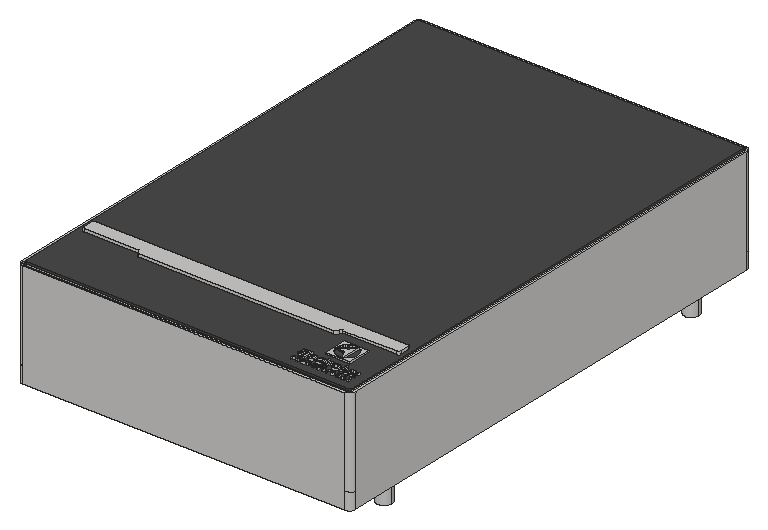
Revit family "QF_ELECTROLUXPROFESSIONAL_600879_E1HAEEOMCS", category Specialty Equipment, Revit 2018 (continued)
Definition of nested family "ELX_Logo_Professional"
  Forms (mm)
    Extrusion 2, solid
      sketch origin (-144.622, -1081.55, 0) x (-1, 0, 0) y (0, -1, 0)
        loop
          line (-148.67, -1086.844) -> (-150.173, -1087.464) -> (-151.57, -1088.253) -> (-152.847, -1089.196) -> (-153.992, -1090.281) -> (-154.994, -1091.494) -> (-155.841, -1092.821) -> (-156.519, -1094.25) -> (-157.018, -1095.766) -> (-157.324, -1097.357) -> (-157.427, -1099.009) -> (-157.315, -1100.685) -> (-156.998, -1102.296) -> (-156.488, -1103.827) -> (-155.799, -1105.265) -> (-154.946, -1106.596) -> (-153.94, -1107.806) -> (-152.796, -1108.882) -> (-151.528, -1109.81) -> (-150.148, -1110.576) -> (-148.67, -1111.167) -> (-148.67, -1086.844)
        loop
          arc (-147.323, -1086.473) -> (-147.041, -1088.83) -> (-146.239, -1091.065) r 10.532
          line (-146.239, -1091.065) -> (-145.452, -1092.432) -> (-144.488, -1093.693) -> (-143.367, -1094.833) -> (-142.111, -1095.838) -> (-140.741, -1096.693) -> (-139.278, -1097.383) -> (-137.743, -1097.894) -> (-136.157, -1098.211) -> (-134.541, -1098.32) -> (-131.822, -1098.32) -> (-131.976, -1096.81) -> (-132.312, -1095.353) -> (-132.818, -1093.961) -> (-133.481, -1092.644) -> (-134.291, -1091.416) -> (-135.235, -1090.288) -> (-136.302, -1089.272) -> (-137.48, -1088.379) -> (-138.757, -1087.622) -> (-140.121, -1087.012) -> (-141.56, -1086.561) -> (-143.063, -1086.281) -> (-144.633, -1086.183)
          arc (-144.633, -1086.183) -> (-145.985, -1086.264) -> (-147.323, -1086.473) r 14.39
        loop
          line (-111.329, -1069.559) -> (-111.329, -1071.073) -> (-116.048, -1071.073) -> (-116.048, -1072.896) -> (-111.328, -1072.896) -> (-111.328, -1075.549) -> (-116.349, -1075.549) -> (-116.349, -1077.368) -> (-109.396, -1077.368) -> (-109.396, -1073.46) -> (-109.396, -1069.659)
          arc (-109.396, -1069.659) -> (-110.425, -1067.175) -> (-112.909, -1066.146) r 3.513
          line (-112.909, -1066.146) -> (-116.483, -1066.146) -> (-116.483, -1067.963) -> (-112.925, -1067.963)
          arc (-112.925, -1067.963) -> (-111.797, -1068.431) -> (-111.329, -1069.559) r 1.596
        loop
          line (-119.79, -1077.358) -> (-117.856, -1077.358) -> (-117.856, -1072.053) -> (-117.856, -1066.132) -> (-119.79, -1066.132) -> (-119.79, -1072.092) -> (-119.79, -1077.358)
        loop
          line (-122.986, -1069.718) -> (-129.327, -1069.718)
          arc (-129.327, -1069.718) -> (-129.219, -1071.449) -> (-128.497, -1073.026) r 4.757
          arc (-128.497, -1073.026) -> (-125.237, -1074.5) -> (-121.978, -1073.026) r 4.34
          arc (-121.978, -1073.026) -> (-121.072, -1070.207) -> (-121.978, -1067.388) r 4.838
          arc (-121.978, -1067.388) -> (-125.393, -1065.933) -> (-128.809, -1067.388) r 4.737
          line (-128.809, -1067.388) -> (-127.645, -1068.52)
          arc (-127.645, -1068.52) -> (-125.509, -1067.576) -> (-123.374, -1068.52) r 2.888
          arc (-123.374, -1068.52) -> (-123.05, -1069.077) -> (-122.986, -1069.718) r 1.527
        loop
          arc (-127.386, -1071.076) -> (-126.67, -1072.331) -> (-125.331, -1072.872) r 2.201
          arc (-125.331, -1072.872) -> (-123.848, -1072.402) -> (-123.033, -1071.076) r 2.23
          line (-123.033, -1071.076) -> (-127.386, -1071.076)
        loop
          line (-136.862, -1071.886) -> (-138.059, -1073.132)
          arc (-138.059, -1073.132) -> (-130.327, -1070.219) -> (-138.059, -1067.306) r 4.415
          line (-138.059, -1067.306) -> (-136.862, -1068.553)
          arc (-136.862, -1068.553) -> (-132.252, -1070.22) -> (-136.862, -1071.886) r 2.606
        loop
          line (-141.192, -1069.673) -> (-141.192, -1072.494) -> (-142.951, -1072.494) -> (-142.951, -1074.25) -> (-141.195, -1074.25) -> (-141.195, -1077.358) -> (-139.262, -1077.358) -> (-139.262, -1073.332) -> (-139.262, -1069.514)
          arc (-139.262, -1069.514) -> (-140.299, -1066.92) -> (-142.98, -1066.132) r 3.196
          line (-142.98, -1066.132) -> (-142.987, -1067.949)
          arc (-142.987, -1067.949) -> (-141.652, -1068.356) -> (-141.192, -1069.673) r 1.542
        loop
          line (-146.494, -1073.042) -> (-146.494, -1074.25) -> (-144.576, -1074.25) -> (-144.576, -1070.271) -> (-144.576, -1066.132) -> (-146.494, -1066.132) -> (-146.494, -1070.401)
          arc (-146.494, -1070.401) -> (-147.446, -1072.228) -> (-149.489, -1072.494) r 2.229
          line (-149.489, -1072.494) -> (-149.489, -1074.362)
          arc (-149.489, -1074.362) -> (-147.761, -1074.226) -> (-146.494, -1073.042) r 2.627
        loop
          line (-159.833, -1072.246) -> (-159.833, -1066.131) -> (-161.767, -1066.131) -> (-161.767, -1072.17) -> (-161.767, -1077.359) -> (-159.833, -1077.359) -> (-159.833, -1072.246)
        loop
          line (-165.194, -1069.514) -> (-165.194, -1074.25) -> (-163.245, -1074.25) -> (-163.245, -1071.898) -> (-163.245, -1069.098)
          arc (-163.245, -1069.098) -> (-166.96, -1065.769) -> (-170.687, -1069.085) r 3.745
          line (-170.687, -1069.085) -> (-170.687, -1071.898) -> (-170.687, -1074.25) -> (-168.739, -1074.25) -> (-168.739, -1069.514)
          arc (-168.739, -1069.514) -> (-166.967, -1067.742) -> (-165.194, -1069.514) r 1.772
        loop
          line (-174.654, -1070.416) -> (-172.975, -1068.078) -> (-171.578, -1066.131) -> (-173.656, -1066.131) -> (-175.717, -1068.999) -> (-177.779, -1066.131) -> (-179.857, -1066.131) -> (-178, -1068.728) -> (-176.781, -1070.433) -> (-178.29, -1072.488) -> (-179.583, -1074.25) -> (-177.473, -1074.25) -> (-175.717, -1071.818) -> (-173.945, -1074.25) -> (-171.852, -1074.25) -> (-173.052, -1072.608) -> (-174.654, -1070.416)
        loop
          circle (-154.223, -1070.188) r 2.508
        loop
          circle (-154.223, -1070.188) r 4.42
        loop
          line (-110.224, -1058.542) -> (-111.194, -1058.542)
          arc (-111.194, -1058.542) -> (-112.217, -1059.95) -> (-110.924, -1061.114) r 1.3
          line (-110.924, -1061.114) -> (-109.424, -1061.114) -> (-109.424, -1057.223) -> (-110.224, -1057.223) -> (-110.224, -1058.542)
        loop
          line (-110.224, -1060.379) -> (-110.224, -1059.293) -> (-111.03, -1059.293)
          arc (-111.03, -1059.293) -> (-111.43, -1059.836) -> (-111.03, -1060.379) r 0.569
          line (-111.03, -1060.379) -> (-110.224, -1060.379)
        loop
          line (-116.302, -1058.564) -> (-117.128, -1058.564) -> (-117.934, -1057.223) -> (-118.841, -1057.223) -> (-117.833, -1058.884)
          arc (-117.833, -1058.884) -> (-118.214, -1060.282) -> (-117.028, -1061.114) r 1.26
          line (-117.028, -1061.114) -> (-115.503, -1061.114) -> (-115.503, -1057.223) -> (-116.302, -1057.223) -> (-116.302, -1058.564)
        loop
          line (-116.302, -1060.379) -> (-116.302, -1059.293) -> (-117.109, -1059.293)
          arc (-117.109, -1059.293) -> (-117.508, -1059.836) -> (-117.109, -1060.379) r 0.569
          line (-117.109, -1060.379) -> (-116.302, -1060.379)
        loop
          line (-128.923, -1057.223) -> (-129.723, -1057.223) -> (-129.723, -1058.714) -> (-131.187, -1058.714) -> (-131.187, -1059.514) -> (-129.723, -1059.514) -> (-129.723, -1060.314) -> (-131.327, -1060.314) -> (-131.327, -1061.114) -> (-128.923, -1061.114) -> (-128.923, -1057.223)
        loop
          arc (-134.628, -1058.469) -> (-134.992, -1057.588) -> (-135.874, -1057.223) r 1.246
          line (-135.874, -1057.223) -> (-137.13, -1057.223) -> (-137.13, -1058.023) -> (-135.969, -1058.023)
          arc (-135.969, -1058.023) -> (-135.53, -1058.237) -> (-135.427, -1058.714) r 0.558
          line (-135.427, -1058.714) -> (-136.984, -1058.714) -> (-136.984, -1059.514) -> (-135.427, -1059.514) -> (-135.427, -1060.314) -> (-137.092, -1060.314) -> (-137.092, -1061.114) -> (-134.628, -1061.114) -> (-134.628, -1058.469)
        loop
          line (-152.3, -1057.223) -> (-153.1, -1057.223) -> (-153.1, -1061.114) -> (-152.3, -1061.114) -> (-152.3, -1057.223)
        loop
          line (-164.67, -1057.223) -> (-164.67, -1059.67) -> (-166.45, -1057.223) -> (-167.25, -1057.223) -> (-167.25, -1061.114) -> (-166.42, -1061.114) -> (-166.42, -1058.594) -> (-164.64, -1061.114) -> (-163.84, -1061.114) -> (-163.84, -1057.223) -> (-164.67, -1057.223)
        loop
          line (-170.403, -1057.223) -> (-171.262, -1057.223) -> (-171.641, -1058.063) -> (-173.08, -1058.063) -> (-173.459, -1057.223) -> (-174.317, -1057.223) -> (-172.796, -1061.113) -> (-171.996, -1061.113) -> (-170.403, -1057.223)
        loop
          line (-177.493, -1057.223) -> (-179.789, -1057.223) -> (-179.789, -1058.023) -> (-178.293, -1058.023) -> (-178.293, -1061.114) -> (-177.493, -1061.114) -> (-177.493, -1057.223)
        loop
          line (-172.362, -1059.848) -> (-171.945, -1058.83) -> (-172.76, -1058.83) -> (-172.362, -1059.848)
        loop
          circle (-158.484, -1059.145) r 1.288
        loop
          circle (-158.484, -1059.145) r 2.065
        loop
          arc (-146.04, -1058.095) -> (-146.933, -1057.275) -> (-148.145, -1057.245) r 1.725
          arc (-148.145, -1057.245) -> (-148.965, -1058.02) -> (-148.68, -1059.111) r 1.107
          arc (-148.68, -1059.111) -> (-148.103, -1059.465) -> (-147.486, -1059.746) r 5.523
          arc (-147.486, -1059.746) -> (-147.147, -1060.262) -> (-147.708, -1060.52) r 0.407
          arc (-147.708, -1060.52) -> (-148.045, -1060.315) -> (-148.325, -1060.038) r 1.702
          line (-148.325, -1060.038) -> (-149.011, -1060.45)
          arc (-149.011, -1060.45) -> (-148.578, -1060.911) -> (-148.043, -1061.247) r 2.463
          arc (-148.043, -1061.247) -> (-146.373, -1060.466) -> (-147.42, -1058.949) r 1.207
          spline (-147.42, -1058.949) -> (-147.716, -1058.809) -> (-147.932, -1058.678) -> (-148.077, -1058.557) -> (-148.163, -1058.446) -> (-148.198, -1058.347) -> (-148.192, -1058.258) -> (-148.157, -1058.182) -> (-148.102, -1058.118) -> (-148.037, -1058.068) -> (-147.972, -1058.031) -> (-147.917, -1058.008) -> (-147.883, -1058)
          arc (-147.883, -1058) -> (-147.238, -1058.014) -> (-146.759, -1058.446) r 0.925
          line (-146.759, -1058.446) -> (-146.04, -1058.095)
        loop
          arc (-140.18, -1058.095) -> (-141.073, -1057.275) -> (-142.285, -1057.245) r 1.725
          arc (-142.285, -1057.245) -> (-143.106, -1058.02) -> (-142.821, -1059.111) r 1.107
          arc (-142.821, -1059.111) -> (-142.243, -1059.465) -> (-141.627, -1059.746) r 5.523
          arc (-141.627, -1059.746) -> (-141.287, -1060.262) -> (-141.849, -1060.52) r 0.407
          arc (-141.849, -1060.52) -> (-142.185, -1060.315) -> (-142.466, -1060.038) r 1.702
          line (-142.466, -1060.038) -> (-143.151, -1060.45)
          arc (-143.151, -1060.45) -> (-142.719, -1060.911) -> (-142.183, -1061.247) r 2.463
          arc (-142.183, -1061.247) -> (-140.513, -1060.466) -> (-141.56, -1058.949) r 1.207
          spline (-141.56, -1058.949) -> (-141.856, -1058.809) -> (-142.072, -1058.678) -> (-142.218, -1058.557) -> (-142.303, -1058.446) -> (-142.338, -1058.347) -> (-142.333, -1058.258) -> (-142.298, -1058.182) -> (-142.242, -1058.118) -> (-142.177, -1058.068) -> (-142.112, -1058.031) -> (-142.057, -1058.008) -> (-142.023, -1058)
          arc (-142.023, -1058) -> (-141.378, -1058.014) -> (-140.9, -1058.446) r 0.925
          line (-140.9, -1058.446) -> (-140.18, -1058.095)
        loop
          circle (-123.484, -1059.145) r 1.288
        loop
          circle (-123.484, -1059.145) r 2.065
      from 0 to 1.6
  Dimensions and locks
    aligned and locked: plane 2 to Extrusion 1
    aligned and locked: level to Extrusion 1
Types (2, lengths in mm): name | URL | Manufacturer | Phase | Model | Description
  (no name) | 0 | 0 | 0 | 0 | 0
  Standard | "http://professional.electrolux.com" | "Electrolux Professional" | 1 | "E1HAEEOMCS" | "PLUG-IN INDUCTION DOUBLE ZONE COOK TOP"
